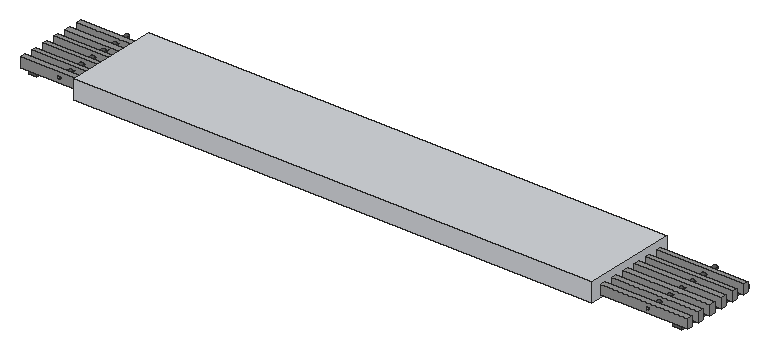
Revit family "1212-6, Veneer", category Generic Models, host Face, Revit 2020
Family settings
  Host = Face
  Can host rebar = No
  Round Connector Dimension = Use Diameter
  Part Type = Normal
  Cut with Voids When Loaded = No
  Shared = No
  Room Calculation Point = No
Parameters
  min_value [instance] = 1' - 11 1/4"  # constant formula
  max_value [instance] = 9' - 11 1/4"  # constant formula
  actual_value [instance] = if(NET LENGTH < min_value, min_value, if(NET LENGTH > max_value, max_value, NET LENGTH))  # 7' - 11 1/4"
  NET LENGTH [instance] = 7' - 11 1/4"
  IMPORTANT NOTE!!!                                                                             *Backer & dowel layout is for visualization purposes only, final layout to be determined by 9Wood. [instance] = ""
  Default Elevation = 4' - 0"
  DOWEL RADIUS [instance] = 0' - 0 1/4"  # constant formula
  BACKING M MATERIAL [instance] = BLACK-BACKERS
  .. MEMBER WIDTH [instance] = 0' - 0 3/4"  # constant formula
  .. MEMBER MATERIAL [instance] = Veneer Cherry
  .. MEMBER DEPTH [instance] = 0' - 1 3/8"  # constant formula
  .. MEMBER COUNT [instance] = 6  # constant formula
Reference planes (in)
  plane 1 "Center (Front/Back)": y = 0
  plane 2: z = 2.726
  plane 3 "Center (Left/Right)": x = 0
Forms (in)
  Extrusion 1, solid
    sketch origin (15, -0.86619, -0.99308) x (0, 1, 0) y (-1, 0, 0)
      loop
        line (3.42869, -23.66817) -> (3.42869, 50.25) -> (-10, 50.25) -> (-10, -23.66817) -> (3.42869, -23.66817)
    from 3.71908 to 1.00111
Dimensions and locks (in)
  aligned and locked: plane 2 to Extrusion 1
Nested families (in)
  nested 1: "1200 Series" at (-44, -2, 1.87867), NET LENGTH <- "actual_value", DOWEL RADII <- "DOWEL RADIUS", .. MEMBER WIDTH <- ".. MEMBER WIDTH", .. MEMBER DEPTH <- ".. MEMBER DEPTH", .. MEMBER MATERIAL <- ".. MEMBER MATERIAL", BACKING M MATERIAL <- "BACKING M MATERIAL", .. MEMBER COUNT <- ".. MEMBER COUNT", type "1200 Series"
    with X 7' - 4", WIDTH 1' - 0 1/16", Space 0' - 0 11/16", START 0' - 0 3/8", SCRIM MATERIAL SCRIM, SCRIM 3 8' - 1", SCRIM 2 0' - 0 7/8", SCRIM 1 0' - 0 3/32", SCRIM yes, NET LENGTH 7' - 11 1/4", N 8, INSET 3 0' - 0 3/16", INSET 0' - 1", INDEX 0' - 5 5/8", END BACKER yes, DOWEL RADII 0' - 0 1/4", DOWEL COUNT 8, BACKING M WIDTH 0' - 1 1/4", BACKING M MATERIAL BLACK-BACKERS, BACKING M LENGTH 0' - 11 7/8", BACKING M DEPTH 0' - 0 1/2", .. MEMBER WIDTH 0' - 0 3/4", .. MEMBER OC TYP 0' - 2", .. MEMBER MATERIAL Veneer Cherry, .. MEMBER DEPTH 0' - 1 3/8", .. MEMBER COUNT 6
Definition of nested family "1200 Series"
  Parameters (values of type "1200 Series")
    X [instance] = NET LENGTH - (0' 3 5/8" * 2)  # 6' - 2"
    WIDTH [instance] = 1' - 0 1/16"
    Space [instance] = 0' - 0 11/16"  # constant formula
    START [instance] = .. MEMBER WIDTH / 2  # 0' - 0 3/8"
    SCRIM MATERIAL [instance] = none
    SCRIM 3 [instance] = NET LENGTH + (SCRIM 2 * 2)  # 6' - 11"
    SCRIM 2 [instance] = 0' - 0 7/8"
    SCRIM 1 [instance] = 0' - 0 3/32"
    SCRIM [instance] = yes
    NET LENGTH [instance] = 6' - 9 1/4"
    N [instance] = if((X - (rounddown(X / 1' 0") * 1' 0")) > 1' 0", rounddown(X / 1' 0") + 2, rounddown(X / 1' 0") + 1)  # 7
    INSET 3 [instance] = 0' - 0 3/16"
    INSET [instance] = 0' - 1"
    INDEX [instance] = (NET LENGTH - ((N - 1) * 1' 0")) / 2  # 0' - 4 5/8"
    END BACKER [instance] = yes
    Default Elevation = 0' - 0"
    DOWEL RADII [instance] = 0' - 0 1/4"
    DOWEL COUNT [instance] = N  # 7
    BACKING M WIDTH [instance] = 0' - 1 1/4"
    BACKING M MATERIAL [instance] = none
    BACKING M LENGTH [instance] = 0' - 11 7/8"
    BACKING M DEPTH [instance] = 0' - 0 1/2"
    .. MEMBER WIDTH [instance] = 0' - 0 3/4"
    .. MEMBER OC TYP [instance] = 1' 0" / .. MEMBER COUNT  # 0' - 3"
    .. MEMBER MATERIAL [instance] = none
    .. MEMBER DEPTH [instance] = 0' - 1 3/8"
    .. MEMBER COUNT [instance] = 4
  Reference planes (in)
    plane 1 "Center (Front/Back)": y = -7.5
    plane 2: z = 0
    plane 3 "Center (Left/Right)": x = 0
    plane 4: x = 1
    plane 5: x = 4.625
    plane 6: x = 81.25
    plane 7: x = 80.25
    plane 8: x = 16.625
    plane 9: y = -7.3125
    plane 10: y = -4.125
    plane 11: y = -7.125
    plane 12: y = 4.5625
    plane 13: y = -4.5
    plane 14: y = -7.59375
    plane 15: x = 82.125
    plane 16: y = 4.65625
    plane 17: x = -0.875
    plane 18: z = -1.375
    plane 19: z = -0.6875
  Lines and regions (in)
    model lines
      curve 1: line (4.375, -7.5, -0.6875) -> (4.875, -7.5, -0.6875)
    model lines, not visible
      curve 2: line (4.625, -7.5, -0.9375) -> (4.625, -7.5, -0.4375)
      curve 3: line (4.375, -7.5, -0.6875) -> (4.875, -7.5, -0.6875)
      curve 4: line (16.625, -7.5, -0.9375) -> (16.625, -7.5, -0.4375)
      curve 5: line (16.375, -7.5, -0.6875) -> (16.875, -7.5, -0.6875)
      curve 6: line (28.625, -7.5, -0.9375) -> (28.625, -7.5, -0.4375)
      curve 7: line (28.375, -7.5, -0.6875) -> (28.875, -7.5, -0.6875)
      curve 8: line (40.625, -7.5, -0.9375) -> (40.625, -7.5, -0.4375)
      curve 9: line (40.375, -7.5, -0.6875) -> (40.875, -7.5, -0.6875)
      curve 10: line (52.625, -7.5, -0.9375) -> (52.625, -7.5, -0.4375)
      curve 11: line (52.375, -7.5, -0.6875) -> (52.875, -7.5, -0.6875)
      curve 12: line (64.625, -7.5, -0.9375) -> (64.625, -7.5, -0.4375)
      curve 13: line (64.375, -7.5, -0.6875) -> (64.875, -7.5, -0.6875)
      curve 14: line (76.625, -7.5, -0.9375) -> (76.625, -7.5, -0.4375)
      curve 15: line (76.375, -7.5, -0.6875) -> (76.875, -7.5, -0.6875)
  Dimensions and locks (in)
    "NET LENGTH": plane 3 "Center (Left/Right)" to plane 6
    "INSET": plane 7 to plane 6
    "INDEX": plane 3 "Center (Left/Right)" to plane 5
    plane 5 to plane 8 = 1' - 0"
    "INSET 3": plane 1 "Center (Front/Back)" to plane 9
    equal spacing: group 1, group 2, group 3, group 4  (x3)
    "START": plane 11 to plane 1 "Center (Front/Back)"
    ".. MEMBER OC TYP": plane 10 to plane 11
    "WIDTH": plane 12 to plane 1 "Center (Front/Back)"
    "START": plane 10 to plane 13
    "SCRIM 1": plane 14 to plane 1 "Center (Front/Back)"
    "SCRIM 2": plane 6 to plane 15
    "SCRIM 1": plane 12 to plane 16
    "SCRIM 2": plane 17 to plane 3 "Center (Left/Right)"
    "INSET": plane 3 "Center (Left/Right)" to plane 4
    equal spacing: group 5, group 6, group 7, group 8, group 9, group 10, group 11  (x3)
    "Space": plane 19 to plane 18
    aligned and locked: level to plane 2
    aligned and locked: nested 1 to plane 4  (x2)
    aligned and locked: plane 7 to nested 2
    aligned and locked: plane 5 to nested 3
    aligned and locked: nested 1 to plane 9
    aligned and locked: plane 1 "Center (Front/Back)" to nested 4
    aligned and locked: plane 9 to nested 2
    aligned and locked: plane 13 to nested 5
    aligned and locked: nested 3 to plane 9
    aligned and locked: plane 18 to nested 1
    aligned and locked: plane 19 to nested 3
    aligned and locked: curve 1 to plane 19
    aligned and locked: plane 8 to curve 4
    aligned and locked: curve 5 to plane 19
    aligned and locked: nested 4 to plane 18
  Automatic sketch dimensions
    curve 1 to curve 1 = 0' - 0 1/2"
    curve 1 to plane 5 = 0' - 0 1/4"
    plane 5 to curve 1 = 0' - 0 1/4"
    curve 3 to curve 2 = 0' - 0 1/4"  (x2)
    curve 2 to curve 3 = 0' - 0 1/4"  (x2)
    curve 5 to curve 4 = 0' - 0 1/4"  (x2)
    curve 4 to curve 5 = 0' - 0 1/4"  (x2)
    curve 7 to curve 6 = 0' - 0 1/4"  (x2)
    curve 6 to curve 7 = 0' - 0 1/4"  (x2)
    curve 9 to curve 8 = 0' - 0 1/4"  (x2)
    curve 8 to curve 9 = 0' - 0 1/4"  (x2)
    curve 11 to curve 10 = 0' - 0 1/4"  (x2)
    curve 10 to curve 11 = 0' - 0 1/4"  (x2)
    curve 13 to curve 12 = 0' - 0 1/4"  (x2)
    curve 12 to curve 13 = 0' - 0 1/4"  (x2)
    curve 15 to curve 14 = 0' - 0 1/4"  (x2)
    curve 14 to curve 15 = 0' - 0 1/4"  (x2)
  Nested families (in)
    nested 1: "INSTANCE - 2ND -  EXTEND SIDE H CENTER W - Parametric Cube" at (1, -1.375, -1.375) x (0, -1, 0) z (0, 0, 1), Width <- "BACKING M LENGTH", Length <- "BACKING M WIDTH", Material <- "BACKING M MATERIAL", Height <- "BACKING M DEPTH", visible <- "END BACKER", type "INSTANCE - 2ND -  EXTEND SIDE H CENTER W - Parametric Cube"
      with Width 0' - 11 7/8", Material none, Length 0' - 1 1/4", Height 0' - 0 1/2"
    nested 2: "INSTANCE - 2ND -  EXTEND SIDE H CENTER W - Parametric Cube" at (80.25, -1.375, -1.375) x (0, -1, 0) z (0, 0, 1), Width <- "BACKING M LENGTH", Length <- "BACKING M WIDTH", Material <- "BACKING M MATERIAL", Height <- "BACKING M DEPTH", visible <- "END BACKER", type "INSTANCE - 2ND -  EXTEND SIDE H CENTER W - Parametric Cube"
      with Width 0' - 11 7/8", Material none, Length 0' - 1 1/4", Height 0' - 0 1/2"
    nested 3: "Family3" at (-5.375, -7.3125, -0.6875), DOWEL RADII <- "DOWEL RADII", BACKING MEM MATERIAL <- "BACKING M MATERIAL", type "Family3"
      with DOWEL RADII 0' - 0 1/4", DOWEL LENGTH 0' - 11 7/8", BACKING MEM MATERIAL none
    nested 4: "HOLED MEMBER" at (0, -18.75, 6.19404), DOWEL RADII <- "DOWEL RADII", .. MEMBER LENGTH <- "NET LENGTH", DOWEL COUNT <- "DOWEL COUNT", DEPTH <- ".. MEMBER DEPTH", .. MEMBER WIDTH <- ".. MEMBER WIDTH", Material <- ".. MEMBER MATERIAL", DOWEL INDEX <- "INDEX", Space 2 <- "Space", type "HOLED MEMBER"
      with Width 0' - 6", Space 2 0' - 0 11/16", Material none, Length 1' - 0", Height 0' - 10.43096", DOWEL RADII 0' - 0 1/4", DOWEL OC DIST 1' - 0", DOWEL INDEX 0' - 4 5/8", DOWEL COUNT 7, DEPTH 0' - 1 3/8", .. MEMBER WIDTH 0' - 0 3/4", .. MEMBER LENGTH 6' - 9 1/4"
    nested 5: "HOLED MEMBER" at (0, -15.75, 6.19404), DOWEL RADII <- "DOWEL RADII", .. MEMBER LENGTH <- "NET LENGTH", DOWEL COUNT <- "DOWEL COUNT", DEPTH <- ".. MEMBER DEPTH", .. MEMBER WIDTH <- ".. MEMBER WIDTH", Material <- ".. MEMBER MATERIAL", DOWEL INDEX <- "INDEX", Space 2 <- "Space", type "HOLED MEMBER"
      with Width 0' - 6", Space 2 0' - 0 11/16", Material none, Length 1' - 0", Height 0' - 10.43096", DOWEL RADII 0' - 0 1/4", DOWEL OC DIST 1' - 0", DOWEL INDEX 0' - 4 5/8", DOWEL COUNT 7, DEPTH 0' - 1 3/8", .. MEMBER WIDTH 0' - 0 3/4", .. MEMBER LENGTH 6' - 9 1/4"
    nested 6: "HOLED MEMBER" at (0, -12.75, 6.19404), DOWEL RADII <- "DOWEL RADII", .. MEMBER LENGTH <- "NET LENGTH", DOWEL COUNT <- "DOWEL COUNT", DEPTH <- ".. MEMBER DEPTH", .. MEMBER WIDTH <- ".. MEMBER WIDTH", Material <- ".. MEMBER MATERIAL", DOWEL INDEX <- "INDEX", Space 2 <- "Space", type "HOLED MEMBER"
      with Width 0' - 6", Space 2 0' - 0 11/16", Material none, Length 1' - 0", Height 0' - 10.43096", DOWEL RADII 0' - 0 1/4", DOWEL OC DIST 1' - 0", DOWEL INDEX 0' - 4 5/8", DOWEL COUNT 7, DEPTH 0' - 1 3/8", .. MEMBER WIDTH 0' - 0 3/4", .. MEMBER LENGTH 6' - 9 1/4"
    nested 7: "HOLED MEMBER" at (0, -9.75, 6.19404), DOWEL RADII <- "DOWEL RADII", .. MEMBER LENGTH <- "NET LENGTH", DOWEL COUNT <- "DOWEL COUNT", DEPTH <- ".. MEMBER DEPTH", .. MEMBER WIDTH <- ".. MEMBER WIDTH", Material <- ".. MEMBER MATERIAL", DOWEL INDEX <- "INDEX", Space 2 <- "Space", type "HOLED MEMBER"
      with Width 0' - 6", Space 2 0' - 0 11/16", Material none, Length 1' - 0", Height 0' - 10.43096", DOWEL RADII 0' - 0 1/4", DOWEL OC DIST 1' - 0", DOWEL INDEX 0' - 4 5/8", DOWEL COUNT 7, DEPTH 0' - 1 3/8", .. MEMBER WIDTH 0' - 0 3/4", .. MEMBER LENGTH 6' - 9 1/4"
    nested 8: "Family3" at (6.625, -7.3125, -0.6875), DOWEL RADII <- "DOWEL RADII", BACKING MEM MATERIAL <- "BACKING M MATERIAL", type "Family3"
      with DOWEL RADII 0' - 0 1/4", DOWEL LENGTH 0' - 11 7/8", BACKING MEM MATERIAL none
    nested 9: "Family3" at (18.625, -7.3125, -0.6875), DOWEL RADII <- "DOWEL RADII", BACKING MEM MATERIAL <- "BACKING M MATERIAL", type "Family3"
      with DOWEL RADII 0' - 0 1/4", DOWEL LENGTH 0' - 11 7/8", BACKING MEM MATERIAL none
    nested 10: "Family3" at (30.625, -7.3125, -0.6875), DOWEL RADII <- "DOWEL RADII", BACKING MEM MATERIAL <- "BACKING M MATERIAL", type "Family3"
      with DOWEL RADII 0' - 0 1/4", DOWEL LENGTH 0' - 11 7/8", BACKING MEM MATERIAL none
    nested 11: "Family3" at (42.625, -7.3125, -0.6875), DOWEL RADII <- "DOWEL RADII", BACKING MEM MATERIAL <- "BACKING M MATERIAL", type "Family3"
      with DOWEL RADII 0' - 0 1/4", DOWEL LENGTH 0' - 11 7/8", BACKING MEM MATERIAL none
    nested 12: "Family3" at (54.625, -7.3125, -0.6875), DOWEL RADII <- "DOWEL RADII", BACKING MEM MATERIAL <- "BACKING M MATERIAL", type "Family3"
      with DOWEL RADII 0' - 0 1/4", DOWEL LENGTH 0' - 11 7/8", BACKING MEM MATERIAL none
    nested 13: "Family3" at (66.625, -7.3125, -0.6875), DOWEL RADII <- "DOWEL RADII", BACKING MEM MATERIAL <- "BACKING M MATERIAL", type "Family3"
      with DOWEL RADII 0' - 0 1/4", DOWEL LENGTH 0' - 11 7/8", BACKING MEM MATERIAL none
  Definition of nested family "INSTANCE - 2ND -  EXTEND SIDE H CENTER W - Parametric Cube"
    Parameters (values of type "INSTANCE - 2ND -  EXTEND SIDE H CENTER W - Parametric Cube")
      Width [instance] = 0' - 6"
      Material [instance] = none
      Length [instance] = 1' - 0"
      Height [instance] = 1' - 6"
      Default Elevation = 0' - 0"
    Reference planes (in)
      plane 1 "Center (Front/Back)": y = 0
      plane 2: z = 0
      plane 3 "Center (Left/Right)": x = 0
      plane 4: x = -3
      plane 5: x = 3
      plane 6: y = 12
      plane 7: z = -18
    Forms (in)
      Extrusion 1, solid, material <- "Material"
        sketch origin (0, 6, 0) x (1, 0, 0) y (0, 1, 0)
          loop
            line (-3, 6) -> (-3, -6) -> (3, -6) -> (3, 6) -> (-3, 6)
        from -18 to 0
    Dimensions and locks (in)
      equal spacing: plane 4, plane 3 "Center (Left/Right)", plane 5
      "Width": plane 4 to plane 5
      "Height": plane 7 to level
      "Length": plane 1 "Center (Front/Back)" to plane 6
      aligned and locked: plane 2 to level
      aligned and locked: plane 4 to Extrusion 1 sketch curve
      aligned and locked: Extrusion 1 sketch curve to plane 5
      aligned and locked: Extrusion 1 to plane 7
      aligned and locked: plane 6 to Extrusion 1
    Automatic sketch dimensions
      plane 1 "Center (Front/Back)" to Extrusion 1 sketch curve = 0' - 0"
      plane 6 to Extrusion 1 sketch curve = 0' - 0"
  Definition of nested family "Family3"
    Parameters (values of type "Family3")
      Default Elevation = 0' - 0"
      DOWEL RADII [instance] = 0' - 0 5/8"
      DOWEL LENGTH [instance] = 0' - 5"
      BACKING MEM MATERIAL [instance] = none
    Reference planes (in)
      plane 1 "Center (Front/Back)": y = 0
      plane 2: z = 0
      plane 3 "Center (Left/Right)": x = 0
      plane 4: y = 5
    Forms (in)
      Extrusion 1, solid, material <- "BACKING MEM MATERIAL"
        sketch origin (10, 0, 0) x (1, 0, 0) y (0, 0, 1)
          loop
            circle (0, 0) r 0.625
        from 0 to -5
      Extrusion 2, solid, not visible
        sketch origin (0, 0, 0) x (1, 0, 0) y (0, 0, 1)
          loop
            circle (0, 0) r 0.625
        from 0 to 12
      Extrusion 3, solid, not visible
        sketch origin (10, 0, 0) x (1, 0, 0) y (0, 0, 1)
          loop
            circle (0, 0) r 0.625
        from 0 to 2.5
      Extrusion 4, solid, not visible
        sketch origin (10, 0, 0) x (1, 0, 0) y (0, 0, 1)
          loop
            circle (0, 0) r 0.625
        from 0 to -12
    Lines and regions (in)
      model lines, not visible
        curve 1: line (-13, 0, 0) -> (-13, -12, 0)
        curve 2: line (13, 0, 0) -> (13, -12, 0)
        curve 3: line (9.89453, 0, 0) -> (10.08794, 0, 0)
        curve 4: line (9.89453, -2.5, 0) -> (10.08794, -2.5, 0)
        curve 6: line (10, 0, 0) -> (10, 2, 0)
      model lines
        curve 5: line (10, 0, 0) -> (10, 2, 0)
    Dimensions and locks (in)
      "DOWEL LENGTH": plane 1 "Center (Front/Back)" to plane 4
      "DOWEL RADII": radius of Extrusion 1 sketch curve
      "DOWEL RADII": radius of Extrusion 2 sketch curve
      "DOWEL RADII": radius of Extrusion 3 sketch curve
      "DOWEL RADII": radius of Extrusion 4 sketch curve
      "DOWEL RADII": radius of Extrusion 1
      aligned and locked: plane 2 to level
      aligned and locked: Extrusion 1 to plane 1 "Center (Front/Back)"  (x3)
      aligned and locked: plane 1 "Center (Front/Back)" to Extrusion 1
      aligned and locked: plane 4 to Extrusion 1
    Automatic sketch dimensions
      plane 1 "Center (Front/Back)" to curve 5 = 0' - 0"
      curve 5 to plane 1 "Center (Front/Back)" = 0' - 2"
      plane 3 "Center (Left/Right)" to curve 5 = 0' - 10"
      Extrusion 1 sketch curve to level = 0' - 0"
      plane 3 "Center (Left/Right)" to Extrusion 1 sketch curve = 0' - 10"
  Definition of nested family "HOLED MEMBER"
    Parameters (values of type "HOLED MEMBER")
      Width [instance] = 0' - 6"
      Space 2 [instance] = 0' - 0 5/8"
      Space = 0' - 0 5/8"
      Material [instance] = none
      Length [instance] = 1' - 0"
      Height [instance] = 0' - 10.43096"
      Default Elevation = 0' - 0"
      DOWEL RADII [instance] = 0' - 0.34537"
      DOWEL OC DIST [instance] = 1' - 0"
      DOWEL INSET = 0' - 0 5/8"
      DOWEL INDEX [instance] = 0' - 5 5/8"
      DOWEL COUNT [instance] = 6
      DEPTH [instance] = 0' - 2"
      .. MEMBER WIDTH [instance] = 0' - 0 5/8"
      .. MEMBER LENGTH [instance] = 5' - 11 3/4"
    Reference planes (in)
      plane 1 "Center (Front/Back)": y = 12
      plane 2: z = -7.56904
      plane 3 "Center (Left/Right)": x = 0
      plane 4: x = 5.625
      plane 5: x = 17.625
      plane 6: y = 11.375
      plane 7: x = 71.75
      plane 8: z = -6.94404
      plane 9: z = -5.56904
    Forms (in)
      Extrusion 1, solid, material <- "Material"
        sketch origin (0, 12, -13.56904) x (1, 0, 0) y (0, 0, 1)
          loop
            line (0, 6) -> (71.75, 6) -> (71.75, 8) -> (0, 8) -> (0, 6)
        from 0.625 to 0
      Extrusion 2, void
        sketch origin (0, 12, -18.31904) x (1, 0, 0) y (0, 0, 1)
          loop
            circle (5.625, 11.375) r 0.34537
        from 0 to 12
      Extrusion 3, void, not visible
        sketch origin (0, 1.25, 0) x (1, 0, 0) y (0, 1, 0)
          loop
            circle (5.625, 11.375) r 0.34537
        from 0 to 12
      Extrusion 4, void, not visible
        sketch origin (0, 1.25, 0) x (1, 0, 0) y (0, 1, 0)
          loop
            circle (5.625, 11.375) r 0.34537
        from 0 to 12
      Extrusion 5, void, not visible
        sketch origin (12, 1.25, 0) x (1, 0, 0) y (0, 1, 0)
          loop
            circle (5.625, 11.375) r 0.34537
        from 0 to 12
      Extrusion 6, void, not visible
        sketch origin (0, 12, -16.31904) x (1, 0, 0) y (0, 0, 1)
          loop
            circle (5.625, 11.375) r 0.34537
        from 0 to 12
      Extrusion 7, void, not visible
        sketch origin (12, 12, -16.31904) x (1, 0, 0) y (0, 0, 1)
          loop
            circle (5.625, 11.375) r 0.34537
        from 0 to 12
      Extrusion 8, void, not visible
        sketch origin (0, 12, -18.31904) x (1, 0, 0) y (0, 0, 1)
          loop
            circle (5.625, 11.375) r 0.34537
        from 0 to 12
      Extrusion 9, void
        sketch origin (12, 12, -18.31904) x (1, 0, 0) y (0, 0, 1)
          loop
            circle (5.625, 11.375) r 0.34537
        from 0 to 12
      Extrusion 10, void, not visible
        sketch origin (24, 12, -16.31904) x (1, 0, 0) y (0, 0, 1)
          loop
            circle (5.625, 11.375) r 0.34537
        from 0 to 12
      Extrusion 11, void, not visible
        sketch origin (36, 12, -16.31904) x (1, 0, 0) y (0, 0, 1)
          loop
            circle (5.625, 11.375) r 0.34537
        from 0 to 12
      Extrusion 12, void, not visible
        sketch origin (48, 12, -16.31904) x (1, 0, 0) y (0, 0, 1)
          loop
            circle (5.625, 11.375) r 0.34537
        from 0 to 12
      Extrusion 13, void, not visible
        sketch origin (60, 12, -16.31904) x (1, 0, 0) y (0, 0, 1)
          loop
            circle (5.625, 11.375) r 0.34537
        from 0 to 12
      Extrusion 14, void, not visible
        sketch origin (24, 1.25, 0) x (1, 0, 0) y (0, 1, 0)
          loop
            circle (5.625, 11.375) r 0.34537
        from 0 to 12
      Extrusion 15, void, not visible
        sketch origin (36, 1.25, 0) x (1, 0, 0) y (0, 1, 0)
          loop
            circle (5.625, 11.375) r 0.34537
        from 0 to 12
      Extrusion 16, void, not visible
        sketch origin (48, 1.25, 0) x (1, 0, 0) y (0, 1, 0)
          loop
            circle (5.625, 11.375) r 0.34537
        from 0 to 12
      Extrusion 17, void, not visible
        sketch origin (60, 1.25, 0) x (1, 0, 0) y (0, 1, 0)
          loop
            circle (5.625, 11.375) r 0.34537
        from 0 to 12
      Extrusion 18, void
        sketch origin (24, 12, -18.31904) x (1, 0, 0) y (0, 0, 1)
          loop
            circle (5.625, 11.375) r 0.34537
        from 0 to 12
      Extrusion 19, void
        sketch origin (36, 12, -18.31904) x (1, 0, 0) y (0, 0, 1)
          loop
            circle (5.625, 11.375) r 0.34537
        from 0 to 12
      Extrusion 20, void
        sketch origin (48, 12, -18.31904) x (1, 0, 0) y (0, 0, 1)
          loop
            circle (5.625, 11.375) r 0.34537
        from 0 to 12
      Extrusion 21, void
        sketch origin (60, 12, -18.31904) x (1, 0, 0) y (0, 0, 1)
          loop
            circle (5.625, 11.375) r 0.34537
        from 0 to 12
    Cuts and joins
      Extrusion 2, Extrusion 9, Extrusion 18, Extrusion 19, Extrusion 20, Extrusion 21 cuts Extrusion 1
    Lines and regions (in)
      model lines, not visible
        curve 1: line (5.625, 11.72037, 0) -> (5.625, 11.02963, 0)
        curve 2: line (5.625, 11.72037, 0) -> (5.625, 11.02963, 0)
        curve 3: line (17.625, 11.72037, 0) -> (17.625, 11.02963, 0)
        curve 4: line (5.625, 12, -7.56904) -> (5.625, 11.87317, -7.56904)
        curve 5: line (5.625, 11.87317, -7.56904) -> (5.06195, 11.87317, -7.56904)
        curve 6: line (5.06195, 11.87317, -7.56904) -> (5.27963, 11.375, -7.56904)
        curve 7: line (0, 12, -6.19404) -> (0, 11.61951, -6.19404)
        curve 8: line (0, 11.375, -8.19404) -> (0, 11.6747, -8.19404)
        curve 9: line (5.625, 12, -7.56904) -> (5.625, 11.69863, -7.56904)
        curve 11: line (5.625, 12, 0) -> (5.625, 12, 0.30137)
        curve 12: line (5.625, 12, 0) -> (5.625, 12, 0.30137)
        curve 13: line (17.625, 12, 0) -> (17.625, 12, 0.30137)
        curve 14: line (5.625, 12, -5.56904) -> (5.625, 11.69863, -5.56904)
        curve 15: line (17.625, 12, -5.56904) -> (17.625, 11.69863, -5.56904)
        curve 16: line (5.625, 12, -7.56904) -> (5.625, 11.69863, -7.56904)
        curve 18: line (29.625, 12, -5.56904) -> (29.625, 11.69863, -5.56904)
        curve 19: line (41.625, 12, -5.56904) -> (41.625, 11.69863, -5.56904)
        curve 20: line (53.625, 12, -5.56904) -> (53.625, 11.69863, -5.56904)
        curve 21: line (65.625, 12, -5.56904) -> (65.625, 11.69863, -5.56904)
        curve 22: line (29.625, 11.72037, 0) -> (29.625, 11.02963, 0)
        curve 23: line (29.625, 12, 0) -> (29.625, 12, 0.30137)
        curve 24: line (41.625, 11.72037, 0) -> (41.625, 11.02963, 0)
        curve 25: line (41.625, 12, 0) -> (41.625, 12, 0.30137)
        curve 26: line (53.625, 11.72037, 0) -> (53.625, 11.02963, 0)
        curve 27: line (53.625, 12, 0) -> (53.625, 12, 0.30137)
        curve 28: line (65.625, 11.72037, 0) -> (65.625, 11.02963, 0)
        curve 29: line (65.625, 12, 0) -> (65.625, 12, 0.30137)
        curve 35: line (5.27963, 12.625, 0) -> (5.97037, 12.625, 0)
        curve 36: line (5.27963, 12.625, 0) -> (5.97037, 12.625, 0)
        curve 37: line (17.27963, 12.625, 0) -> (17.97037, 12.625, 0)
        curve 38: line (5.27963, 12, -4.94404) -> (5.97037, 12, -4.94404)
        curve 39: line (17.27963, 12, -4.94404) -> (17.97037, 12, -4.94404)
        curve 40: line (5.27963, 12, -6.94404) -> (5.97037, 12, -6.94404)
        curve 42: line (29.27963, 12, -4.94404) -> (29.97037, 12, -4.94404)
        curve 43: line (41.27963, 12, -4.94404) -> (41.97037, 12, -4.94404)
        curve 44: line (53.27963, 12, -4.94404) -> (53.97037, 12, -4.94404)
        curve 45: line (65.27963, 12, -4.94404) -> (65.97037, 12, -4.94404)
        curve 46: line (29.27963, 12.625, 0) -> (29.97037, 12.625, 0)
        curve 47: line (41.27963, 12.625, 0) -> (41.97037, 12.625, 0)
        curve 48: line (53.27963, 12.625, 0) -> (53.97037, 12.625, 0)
        curve 49: line (65.27963, 12.625, 0) -> (65.97037, 12.625, 0)
        curve 54: line (0, 12, -6.94404) -> (0, 4.22059, -6.94404)
        curve 55: line (0, 12.625, 0) -> (0, 12.625, 7.77941)
        curve 56: line (0, 12.625, 0) -> (0, 12.625, 7.77941)
        curve 57: line (12, 12.625, 0) -> (12, 12.625, 7.77941)
        curve 58: line (0, 12, -4.94404) -> (0, 4.22059, -4.94404)
        curve 59: line (12, 12, -4.94404) -> (12, 4.22059, -4.94404)
        curve 60: line (0, 12, -6.94404) -> (0, 4.22059, -6.94404)
        curve 61: line (12, 12, -6.94404) -> (12, 4.22059, -6.94404)
        curve 62: line (24, 12, -4.94404) -> (24, 4.22059, -4.94404)
        curve 63: line (36, 12, -4.94404) -> (36, 4.22059, -4.94404)
        curve 64: line (48, 12, -4.94404) -> (48, 4.22059, -4.94404)
        curve 65: line (60, 12, -4.94404) -> (60, 4.22059, -4.94404)
        curve 66: line (24, 12.625, 0) -> (24, 12.625, 7.77941)
        curve 67: line (36, 12.625, 0) -> (36, 12.625, 7.77941)
        curve 68: line (48, 12.625, 0) -> (48, 12.625, 7.77941)
        curve 69: line (60, 12.625, 0) -> (60, 12.625, 7.77941)
        curve 70: line (24, 12, -6.94404) -> (24, 4.22059, -6.94404)
        curve 71: line (36, 12, -6.94404) -> (36, 4.22059, -6.94404)
        curve 72: line (48, 12, -6.94404) -> (48, 4.22059, -6.94404)
        curve 73: line (60, 12, -6.94404) -> (60, 4.22059, -6.94404)
      model lines
        curve 10: line (5.625, 12, -7.56904) -> (5.625, 11.69863, -7.56904)
        curve 17: line (17.625, 12, -7.56904) -> (17.625, 11.69863, -7.56904)
        curve 30: line (29.625, 12, -7.56904) -> (29.625, 11.69863, -7.56904)
        curve 31: line (41.625, 12, -7.56904) -> (41.625, 11.69863, -7.56904)
        curve 32: line (53.625, 12, -7.56904) -> (53.625, 11.69863, -7.56904)
        curve 33: line (65.625, 12, -7.56904) -> (65.625, 11.69863, -7.56904)
        curve 34: line (5.27963, 12, -6.94404) -> (5.97037, 12, -6.94404)
        curve 41: line (17.27963, 12, -6.94404) -> (17.97037, 12, -6.94404)
        curve 50: line (29.27963, 12, -6.94404) -> (29.97037, 12, -6.94404)
        curve 51: line (41.27963, 12, -6.94404) -> (41.97037, 12, -6.94404)
        curve 52: line (53.27963, 12, -6.94404) -> (53.97037, 12, -6.94404)
        curve 53: line (65.27963, 12, -6.94404) -> (65.97037, 12, -6.94404)
    Dimensions and locks (in)
      "DOWEL INDEX": plane 3 "Center (Left/Right)" to plane 4
      "DOWEL OC DIST": plane 4 to plane 5
      ".. MEMBER LENGTH": plane 3 "Center (Left/Right)" to plane 7
      equal spacing: group 3, group 4, group 17, group 18, group 19, group 20  (x3)
      equal spacing: group 7, group 8, group 13, group 14, group 15, group 16  (x3)
      equal spacing: group 1, group 12, group 21, group 22, group 23, group 24  (x3)
      ".. MEMBER WIDTH": plane 6 to plane 1 "Center (Front/Back)"
      "DEPTH": plane 9 to level
      "Space 2": plane 8 to level
      "DOWEL RADII": radius of Extrusion 2 sketch curve
      "DOWEL RADII": radius of Extrusion 3 sketch curve
      "DOWEL RADII": radius of Extrusion 4 sketch curve
      "DOWEL RADII": radius of Extrusion 5 sketch curve
      "DOWEL RADII": radius of Extrusion 6 sketch curve
      "DOWEL RADII": radius of Extrusion 7 sketch curve
      "DOWEL RADII": radius of Extrusion 8 sketch curve
      "DOWEL RADII": radius of Extrusion 9 sketch curve
      "DOWEL RADII": radius of Extrusion 10 sketch curve
      "DOWEL RADII": radius of Extrusion 11 sketch curve
      "DOWEL RADII": radius of Extrusion 12 sketch curve
      "DOWEL RADII": radius of Extrusion 13 sketch curve
      "DOWEL RADII": radius of Extrusion 14 sketch curve
      "DOWEL RADII": radius of Extrusion 15 sketch curve
      "DOWEL RADII": radius of Extrusion 16 sketch curve
      "DOWEL RADII": radius of Extrusion 17 sketch curve
      "DOWEL RADII": radius of Extrusion 18 sketch curve
      "DOWEL RADII": radius of Extrusion 19 sketch curve
      "DOWEL RADII": radius of Extrusion 20 sketch curve
      "DOWEL RADII": radius of Extrusion 21 sketch curve
      aligned and locked: level to plane 2
      aligned and locked: Extrusion 1 to plane 3 "Center (Left/Right)"  (x2)
      aligned and locked: plane 7 to cut or joined group of Extrusion 1, Extrusion 2, Extrusion 9, Extrusion 18, Extrusion 19, Extrusion 20, Extrusion 21  (x2)
      aligned and locked: cut or joined group of Extrusion 1, Extrusion 2, Extrusion 9, Extrusion 18, Extrusion 19, Extrusion 20, Extrusion 21 to plane 1 "Center (Front/Back)"  (x2)
      aligned and locked: cut or joined group of Extrusion 1, Extrusion 2, Extrusion 9, Extrusion 18, Extrusion 19, Extrusion 20, Extrusion 21 to plane 6  (x2)
      aligned and locked: plane 4 to curve 10
      aligned and locked: plane 5 to curve 17
      aligned and locked: plane 9 to cut or joined group of Extrusion 1, Extrusion 2, Extrusion 9, Extrusion 18, Extrusion 19, Extrusion 20, Extrusion 21  (x2)
      aligned and locked: cut or joined group of Extrusion 1, Extrusion 2, Extrusion 9, Extrusion 18, Extrusion 19, Extrusion 20, Extrusion 21 to level
      aligned and locked: plane 8 to Extrusion 2
      aligned and locked: curve 34 to plane 8
      aligned and locked: curve 41 to plane 8
      aligned and locked: level to curve 10
      aligned and locked: curve 10 to level
      aligned and locked: plane 8 to cut or joined group of Extrusion 1, Extrusion 2, Extrusion 9, Extrusion 18, Extrusion 19, Extrusion 20, Extrusion 21
      aligned and locked: curve 54 to plane 8
    Automatic sketch dimensions
      curve 1 to curve 1 = 0' - 0.69074"
      curve 2 to curve 2 = 0' - 0.69074"
      curve 3 to curve 3 = 0' - 0.69074"
      Extrusion 1 sketch curve to plane 3 "Center (Left/Right)" = 0' - 0"
      Extrusion 1 sketch curve to plane 7 = 0' - 0"
      Extrusion 1 sketch curve to Extrusion 1 sketch curve = 0' - 2"
      level to Extrusion 1 sketch curve = 0' - 0"
      curve 9 to curve 9 = 0' - 0.30137"
      curve 10 to curve 10 = 0' - 0.30137"
      curve 11 to curve 11 = 0' - 0.30137"
      curve 12 to curve 12 = 0' - 0.30137"
      curve 13 to curve 13 = 0' - 0.30137"
      curve 14 to curve 14 = 0' - 0.30137"
      curve 15 to curve 15 = 0' - 0.30137"
      curve 16 to curve 16 = 0' - 0.30137"
      curve 17 to curve 17 = 0' - 0.30137"
      curve 18 to curve 18 = 0' - 0.30137"
      curve 19 to curve 19 = 0' - 0.30137"
      curve 20 to curve 20 = 0' - 0.30137"
      curve 21 to curve 21 = 0' - 0.30137"
      curve 22 to curve 22 = 0' - 0.69074"
      curve 23 to curve 23 = 0' - 0.30137"
      curve 24 to curve 24 = 0' - 0.69074"
      curve 25 to curve 25 = 0' - 0.30137"
      curve 26 to curve 26 = 0' - 0.69074"
      curve 27 to curve 27 = 0' - 0.30137"
      curve 28 to curve 28 = 0' - 0.69074"
      curve 29 to curve 29 = 0' - 0.30137"
      curve 30 to curve 30 = 0' - 0.30137"
      curve 31 to curve 31 = 0' - 0.30137"
      curve 32 to curve 32 = 0' - 0.30137"
      curve 33 to curve 33 = 0' - 0.30137"
      curve 34 to curve 34 = 0' - 0.69074"
      curve 35 to curve 35 = 0' - 0.69074"
      curve 36 to curve 36 = 0' - 0.69074"
      curve 37 to curve 37 = 0' - 0.69074"
      curve 38 to curve 38 = 0' - 0.69074"
      curve 39 to curve 39 = 0' - 0.69074"
      curve 40 to curve 40 = 0' - 0.69074"
      curve 41 to curve 41 = 0' - 0.69074"
      curve 42 to curve 42 = 0' - 0.69074"
      curve 43 to curve 43 = 0' - 0.69074"
      curve 44 to curve 44 = 0' - 0.69074"
      curve 45 to curve 45 = 0' - 0.69074"
      curve 46 to curve 46 = 0' - 0.69074"
      curve 47 to curve 47 = 0' - 0.69074"
      curve 48 to curve 48 = 0' - 0.69074"
      curve 49 to curve 49 = 0' - 0.69074"
      curve 50 to curve 50 = 0' - 0.69074"
      curve 51 to curve 51 = 0' - 0.69074"
      curve 52 to curve 52 = 0' - 0.69074"
      curve 53 to curve 53 = 0' - 0.69074"
      curve 54 to curve 54 = 0' - 7.77941"
      curve 55 to curve 55 = 0' - 7.77941"
      curve 56 to curve 56 = 0' - 7.77941"
      curve 57 to curve 57 = 0' - 7.77941"
      curve 58 to curve 58 = 0' - 7.77941"
      curve 59 to curve 59 = 0' - 7.77941"
      curve 60 to curve 60 = 0' - 7.77941"
      curve 61 to curve 61 = 0' - 7.77941"
      curve 62 to curve 62 = 0' - 7.77941"
      curve 63 to curve 63 = 0' - 7.77941"
      curve 64 to curve 64 = 0' - 7.77941"
      curve 65 to curve 65 = 0' - 7.77941"
      curve 66 to curve 66 = 0' - 7.77941"
      curve 67 to curve 67 = 0' - 7.77941"
      curve 68 to curve 68 = 0' - 7.77941"
      curve 69 to curve 69 = 0' - 7.77941"
      curve 70 to curve 70 = 0' - 7.77941"
      curve 71 to curve 71 = 0' - 7.77941"
      curve 72 to curve 72 = 0' - 7.77941"
      curve 73 to curve 73 = 0' - 7.77941"
